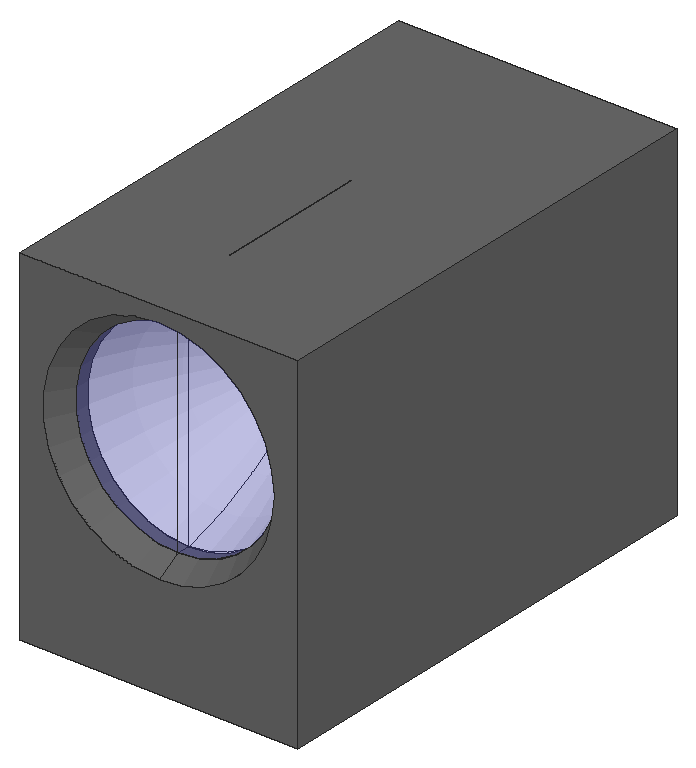
Revit family "33579_HOST_FACE", category Lighting Fixtures, host Face, Revit 2019
Family settings
  Host = Face
  Round Connector Dimension = Use Diameter
  Part Type = Normal
  Cut with Voids When Loaded = Yes
  Light Source = Yes
  Shared = No
  Room Calculation Point = No
Parameters (values of type "Wall Luminaires - Directed Light")
  Wattage = 1.06367 W
  built-in parameter 1150110 = 1 (stored number, unit not read)
  URL = "www.bega-us.com"
  built-in parameter 1114217 = 1 (stored number, unit not read)
  Tilt Angle = 90.00°
  built-in parameter 1150109 = 1 (stored number, unit not read)
  built-in parameter 1150134 = (empty or 0)
  Telephone = "805.684.0533"
  built-in parameter 1150113 = 1 (stored number, unit not read)
  Photometric Web File = "33579.ies"
  Model = "2260LED"
  Manufacturer = "BEGA-US"
  built-in parameter 1150105 = 12.573 (stored number, unit not read)
  Lumens = 158 lm
  built-in parameter 1150115 = 1 (stored number, unit not read)
  built-in parameter 1150137 = (empty or 0)
  built-in parameter 1150139 = (empty or 0)
  built-in parameter 1150112 = 1 (stored number, unit not read)
  built-in parameter 1150114 = 1 (stored number, unit not read)
  Lamp = "1.9W LED"
  built-in parameter 1150132 = 2
  built-in parameter 1150102 = (empty or 0)
  built-in parameter 1150107 = 3000 (stored number, unit not read)
  built-in parameter 1150138 = (empty or 0)
  built-in parameter 1150106 = 0.12573 (stored number, unit not read)
  built-in parameter 1150104 = 13.8 (stored number, unit not read)
  Dimming Lamp Color Temperature Shift = <None>
  Description = "Surface wall with cutoff optics"
  Default Elevation = 6' - 0"
  Color Filter = 16777215
  built-in parameter 1114218 = 1 (stored number, unit not read)
  built-in parameter 1150133 = 10 (stored number, unit not read)
Types (27): name | Wattage | Tilt Angle | built-in parameter 1150134 | Photometric Web File | Model | built-in parameter 1150105 | Lumens | Lamp | built-in parameter 1150107 | built-in parameter 1150106 | Description | Default Elevation
  (no name) | 1.06367 W | 90.00° | (empty or 0) | "33579.ies" | "2260LED" | 12.573 (stored number, unit not read) | 158 lm | "1.9W LED" | 3000 (stored number, unit not read) | 0.12573 (stored number, unit not read) | "Surface wall with cutoff optics" | 6' - 0"
  Wall Luminaires - Directed Light | 1.06367 W | 90.00° | (empty or 0) | "33579.ies" | "2260LED" | 12.573 (stored number, unit not read) | 158 lm | "1.9W LED" | 3000 (stored number, unit not read) | 0.12573 (stored number, unit not read) | "Surface wall with cutoff optics" | 6' - 0"
  Wall Luminaires - Linear | 9.92985 W | 90.00° | 9 | "generic" | "4425P" | 117.38 (stored number, unit not read) | 1475 lm | "(1) 39W CF twin-4-p" | 3450 (stored number, unit not read) | 1.1738 (stored number, unit not read) | "Suface wall - linear with white acrylic diffuser" | 6' - 0"
  Ceiling and Wall Luminaires - Unshielded | 2.66591 W | 0.00° | (empty or 0) | "33508.ies" | "33 508" | 31.513 (stored number, unit not read) | 396 lm | "W LED" | 3000 (stored number, unit not read) | 0.31513 (stored number, unit not read) | "LED ceiling and wall luminaires - impact resistant" | 0' - 0"
  Recessed Luminaires - Round | 2.66591 W | 0.00° | (empty or 0) | "33508.ies" | "33 508" | 31.513 (stored number, unit not read) | 396 lm | "W LED" | 3000 (stored number, unit not read) | 0.31513 (stored number, unit not read) | "LED ceiling and wall luminaires - impact resistant" | 0' - 0"
  Recessed Luminaires - Square | 0.0067321 W | 0.00° | (empty or 0) | "88754.IES" | 0' - 0" | 0.079577 (stored number, unit not read) | 1 lm | "1.9W LED" | 3000 (stored number, unit not read) | 0.00079577 (stored number, unit not read) | 0' - 0" | 0' - 0"
  Recessed Luminaires - Retangular | 2.66591 W | 0.00° | (empty or 0) | "33508.ies" | "33 508" | 31.513 (stored number, unit not read) | 396 lm | "W LED" | 3000 (stored number, unit not read) | 0.31513 (stored number, unit not read) | "LED ceiling and wall luminaires - impact resistant" | 0' - 0"
  Recessed Luminaires - Elongated | 2.66591 W | 0.00° | (empty or 0) | "33508.ies" | "33 508" | 31.513 (stored number, unit not read) | 396 lm | "W LED" | 3000 (stored number, unit not read) | 0.31513 (stored number, unit not read) | "LED ceiling and wall luminaires - impact resistant" | 0' - 0"
  Recessed Ceiling Luminaires - Downlights | 2.66591 W | 0.00° | (empty or 0) | "33508.ies" | "33 508" | 31.513 (stored number, unit not read) | 396 lm | "W LED" | 3000 (stored number, unit not read) | 0.31513 (stored number, unit not read) | "LED ceiling and wall luminaires - impact resistant" | 0' - 0"
  Recessed Ceiling Luminaires - Asymmetric | 2.66591 W | 0.00° | (empty or 0) | "33508.ies" | "33 508" | 31.513 (stored number, unit not read) | 396 lm | "W LED" | 3000 (stored number, unit not read) | 0.31513 (stored number, unit not read) | "LED ceiling and wall luminaires - impact resistant" | 0' - 0"
  Pendant and Cable Suspended Luminaires - Shielded | 2.66591 W | 0.00° | (empty or 0) | "33508.ies" | "33 508" | 31.513 (stored number, unit not read) | 396 lm | "W LED" | 3000 (stored number, unit not read) | 0.31513 (stored number, unit not read) | "LED ceiling and wall luminaires - impact resistant" | 0' - 0"
  Pendant and Cable Suspended Luminaires - Directed | 2.66591 W | 0.00° | (empty or 0) | "33508.ies" | "33 508" | 31.513 (stored number, unit not read) | 396 lm | "W LED" | 3000 (stored number, unit not read) | 0.31513 (stored number, unit not read) | "LED ceiling and wall luminaires - impact resistant" | 0' - 0"
  Ceiling Luminaires - Downlights | 2.66591 W | 0.00° | (empty or 0) | "33508.ies" | "33 508" | 31.513 (stored number, unit not read) | 396 lm | "W LED" | 3000 (stored number, unit not read) | 0.31513 (stored number, unit not read) | "LED ceiling and wall luminaires - impact resistant" | 0' - 0"
  Ceiling Luminaires - Asymmetric | 2.66591 W | 0.00° | (empty or 0) | "33508.ies" | "33 508" | 31.513 (stored number, unit not read) | 396 lm | "W LED" | 3000 (stored number, unit not read) | 0.31513 (stored number, unit not read) | "LED ceiling and wall luminaires - impact resistant" | 0' - 0"
  Ceiling and Wall Luminaires - Stainless Steel | 2.66591 W | 0.00° | (empty or 0) | "33508.ies" | "33 508" | 31.513 (stored number, unit not read) | 396 lm | "W LED" | 3000 (stored number, unit not read) | 0.31513 (stored number, unit not read) | "LED ceiling and wall luminaires - impact resistant" | 0' - 0"
  Wall Luminaires - Stainless Steel | 2.66591 W | 0.00° | (empty or 0) | "33508.ies" | "33 508" | 31.513 (stored number, unit not read) | 396 lm | "W LED" | 3000 (stored number, unit not read) | 0.31513 (stored number, unit not read) | "LED ceiling and wall luminaires - impact resistant" | 0' - 0"
  Wall Luminaires - Unshielded Light | 2.66591 W | 0.00° | (empty or 0) | "33508.ies" | "33 508" | 31.513 (stored number, unit not read) | 396 lm | "W LED" | 3000 (stored number, unit not read) | 0.31513 (stored number, unit not read) | "LED ceiling and wall luminaires - impact resistant" | 0' - 0"
  Wall Luminaires - Shielded Light | 2.66591 W | 0.00° | (empty or 0) | "33508.ies" | "33 508" | 31.513 (stored number, unit not read) | 396 lm | "W LED" | 3000 (stored number, unit not read) | 0.31513 (stored number, unit not read) | "LED ceiling and wall luminaires - impact resistant" | 0' - 0"
  On-Ground Luminaires | 2.66591 W | 0.00° | (empty or 0) | "33508.ies" | "33 508" | 31.513 (stored number, unit not read) | 396 lm | "W LED" | 3000 (stored number, unit not read) | 0.31513 (stored number, unit not read) | "LED ceiling and wall luminaires - impact resistant" | 0' - 0"
  Light Design Elements | 2.66591 W | 0.00° | (empty or 0) | "33508.ies" | "33 508" | 31.513 (stored number, unit not read) | 396 lm | "W LED" | 3000 (stored number, unit not read) | 0.31513 (stored number, unit not read) | "LED ceiling and wall luminaires - impact resistant" | 0' - 0"
  LED System Bollard | 2.66591 W | 0.00° | (empty or 0) | "33508.ies" | "33 508" | 31.513 (stored number, unit not read) | 396 lm | "W LED" | 3000 (stored number, unit not read) | 0.31513 (stored number, unit not read) | "LED ceiling and wall luminaires - impact resistant" | 0' - 0"
  Bollards | 2.66591 W | 0.00° | (empty or 0) | "33508.ies" | "33 508" | 31.513 (stored number, unit not read) | 396 lm | "W LED" | 3000 (stored number, unit not read) | 0.31513 (stored number, unit not read) | "LED ceiling and wall luminaires - impact resistant" | 0' - 0"
  Bollards - Stainless Steel | 2.66591 W | 0.00° | (empty or 0) | "33508.ies" | "33 508" | 31.513 (stored number, unit not read) | 396 lm | "W LED" | 3000 (stored number, unit not read) | 0.31513 (stored number, unit not read) | "LED ceiling and wall luminaires - impact resistant" | 0' - 0"
  Light Building Elements | 2.66591 W | 0.00° | (empty or 0) | "33508.ies" | "33 508" | 31.513 (stored number, unit not read) | 396 lm | "W LED" | 3000 (stored number, unit not read) | 0.31513 (stored number, unit not read) | "LED ceiling and wall luminaires - impact resistant" | 0' - 0"
  Pole-top Luminaires - with asymmetrical light distribution | 2.66591 W | 0.00° | (empty or 0) | "33508.ies" | "33 508" | 31.513 (stored number, unit not read) | 396 lm | "W LED" | 3000 (stored number, unit not read) | 0.31513 (stored number, unit not read) | "LED ceiling and wall luminaires - impact resistant" | 0' - 0"
  Pole-top Luminaires - with symmetrical light distribution | 2.66591 W | 0.00° | (empty or 0) | "33508.ies" | "33 508" | 31.513 (stored number, unit not read) | 396 lm | "W LED" | 3000 (stored number, unit not read) | 0.31513 (stored number, unit not read) | "LED ceiling and wall luminaires - impact resistant" | 0' - 0"
  Pole-top Luminaires - with indirect light | 2.66591 W | 0.00° | (empty or 0) | "88754.IES" | "33 508" | 31.513 (stored number, unit not read) | 396 lm | "W LED" | 3000 (stored number, unit not read) | 0.31513 (stored number, unit not read) | "LED ceiling and wall luminaires - impact resistant" | 0' - 0"
Reference planes (in)
  plane 1 "Center (Front/Back)": y = 0
  plane 2: z = 0
  plane 3 "Center (Left/Right)": x = 0
Dimensions and locks (in)
  aligned and locked: plane 2 to host face
  aligned and locked: level to host face
Nested families (in)
  nested 1: "33579" at (0, 0, 0), type "33579"
Connectors (in)
  electrical at (0, 0, 0)
    settings: on host face, index 1, voltage 0 V, apparent load 0 VA, apparent load phase1 0 VA, apparent load phase2 0 VA, apparent load phase3 0 VA, power factor 1, load classification "Other", number of poles 1, system type 31, power factor state 1, is connector primary yes, connector utility no, sub classification motor no, connector description ""
Definition of nested family "33579"
  Reference planes (in)
    plane 1 "Center (Front/Back)": y = 0
    plane 2: z = 0
    plane 3 "Center (Left/Right)": x = 0
    plane 4: y = 0
    plane 5: x = 1.5
    plane 6: x = -1.5
    plane 7: y = 0.2571
    plane 8: y = 0.40554
  Forms (in)
    Extrusion 1, solid
      sketch origin (0, 0, 0) x (0, 1, 0) y (0, 0, 1)
        loop
          line (0, 0) -> (5.12109, 0) -> (5.12109, 3.75) -> (0, 3.75) -> (0, 0)
      from -1.5 to 1.5
    Revolve 2, void
      sketch origin (0, 0, 0) x (0, 1, 0) y (0, 0, 1)
        loop
          line (0, 2.35156) -> (3.40711, 2.35156) -> (3.40711, 3.45312) -> (0.2571, 3.45312) -> (0, 3.60156) -> (0, 2.35156)
        axis (3.40711, 2.35156) -> (0, 2.35156)
      angle from 0 to 360
    Revolve 3, solid
      sketch origin (0, 0, 0) x (0, 1, 0) y (0, 0, 1)
        loop
          line (0.2571, 2.35156) -> (0.40554, 2.35156) -> (0.40554, 3.45312) -> (0.2571, 3.45312) -> (0.2571, 2.35156)
        axis (0.40554, 2.35156) -> (0.2571, 2.35156)
      angle from 0 to 360
    Revolve 4, solid
      sketch origin (0, 0, 0) x (0, 1, 0) y (0, 0, 1)
        loop
          line (1.65554, 2.85156) -> (1.65554, 2.35156) -> (1.69619, 2.35156) -> (1.69619, 2.85156) -> (1.15454, 3.45312) -> (0.40554, 3.45312)
          arc (0.40554, 3.45312) -> (1.06374, 3.22134) -> (1.65554, 2.85156) r 3.17974
        axis (1.69619, 2.35156) -> (0.40554, 2.35156)
      angle from 0 to 360
  Cuts and joins
    Revolve 2 cuts Extrusion 1
  Dimensions and locks (in)
    aligned and locked: plane 2 to level
